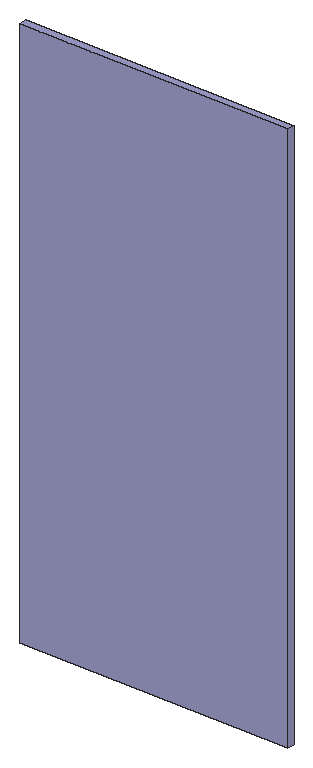
Revit family "EXP_WT-4_CPan-004", category Curtain Panels, Revit 2021
Family settings
  OmniClass Number = 23.25.20.14.11.11.17
  OmniClass Title = Infill Panels
  Always vertical = Yes
  Cut with Voids When Loaded = No
  Shared = No
Parameters
  UI-UnitNumber [instance] = "001"
  UI-Quadrant [instance] = "SE"
  UI-ProjectAbbreviation = "NEU"
  UI-ItemCategory = "PID"
  UI-FloorNumber [instance] = "03"
  PNT-WallType = "WT4"
  PNT-ProjectAbbreviation = "NEU"
  PNT-PanelType [instance] = "01"
  PNT-ItemCategory = "PNL"
  GlassSPH [instance] = 0' - 2 3/8"
  GlassH1 = IG-9F(Glass)
  Define Thermal Properties by = Schematic Type
  CellSp = 0' - 7 3/4"
  CellL [instance] = 7' - 10"
  CellH1 [instance] = CellH  # 15' - 11 1/2"
  CellH [instance] = 15' - 11 1/2"
  CellAngle = 79.28°
  Analytic Construction = "<None>"
Reference planes (in)
  plane 1 "Center (Front/Back)": y = 0
  plane 2: z = 0
  plane 3 "Center (Left/Right)": x = 0
  plane 4 "Left": x = -47
  plane 5 "Right": x = 47
  plane 6 "Top": z = 191.5
  plane 7: y = -7.75
Forms (in)
  Extrusion 1, solid, material "IG-9F(Glass)" <- "GlassH1", detail levels coarse+medium
    sketch origin (0, 0, 0) x (1, 0, 0) y (0, 1, 0)
      loop
        line (47, 0) -> (-47, 0) -> (-45.53282, -7.75) -> (45.53282, -7.75) -> (47, 0)
    from 0 to 191.5
Lines and regions (in)
  reference lines
    curve 1: line (-47, 0, 0) -> (-42.53577, -23.58115, 0)
    curve 2: line (47, 0, 0) -> (43.0938, -20.63351, 0)
Text (in)
  text "Exterior" at (-92.59733, 55.75508, 0), in view "Ref. Level"
  text "Exterior" at (0, 90.18664, 173.49264), in view "Left"
  text "Exterior" at (0, 52.29083, 162.21847), in view "Right"
Dimensions and locks (in)
  equal spacing: plane 4 "Left", plane 3 "Center (Left/Right)", plane 5 "Right"  (x2)
  "CellL": plane 4 "Left" to plane 5 "Right"
  "CellH": plane 2 to plane 6 "Top"
  "CellSp": plane 7 to plane 1 "Center (Front/Back)"
  "CellAngle": angle curve 1 to plane 1 "Center (Front/Back)"
  "CellAngle": angle plane 1 "Center (Front/Back)" to curve 2
  aligned and locked: level to plane 2
  aligned and locked: plane 1 "Center (Front/Back)" to nested 1
  aligned and locked: nested 1 to plane 6 "Top"
  aligned and locked: plane 5 "Right" to nested 1
  aligned and locked: Extrusion 1 sketch curve to plane 1 "Center (Front/Back)"
  aligned and locked: Extrusion 1 sketch curve to plane 7
  aligned and locked: Extrusion 1 sketch curve to curve 2
  aligned and locked: Extrusion 1 sketch curve to curve 1
  aligned and locked: Extrusion 1 to plane 6 "Top"
  aligned and locked: plane 2 to Extrusion 1
  aligned and locked: plane 1 "Center (Front/Back)" to nested 2
  aligned and locked: plane 4 "Left" to nested 2
  aligned and locked: plane 5 "Right" to nested 2
  aligned and locked: nested 2 to plane 6 "Top"
  aligned and locked: plane 2 to nested 2
Automatic sketch dimensions
  plane 1 "Center (Front/Back)" to curve 1 = 0' - 0"
  curve 1 to plane 4 "Left" = 0' - 0"
  plane 1 "Center (Front/Back)" to curve 2 = 0' - 0"
  curve 2 to plane 5 "Right" = 0' - 0"
Nested families (in)
  nested 1: "EXP_xx_DetO-002" at (0, 0, 0), CellH <- "CellH", CellL <- "CellL", type "EXP_xx_DetO-002", detail levels coarse
    with CellL 7' - 10", CellH 15' - 11 1/2"
  nested 2: "EXP_WT-1x_IG-005" at (0, 0, 95.75), MaterialGlass <- "GlassH1", GlassSP <- "GlassSPH", type "A = 79.28", detail levels fine
    with MaterialGlass IG-9F(Glass), GlassSP 0' - 2 3/8", GlassH 15' - 10 1/2", GMPI-ProjectAbbreviation "NEU", CellL 7' - 10", CellH 15' - 11 1/2", GlassL 7' - 8.10076"
Definition of nested family "EXP_WT-1x_IG-005"
  Parameters (values of type "A = 79.28_ H _ GlassSP = 2 3/8"")
    MaterialGlass [instance] = none
    GlassSP [instance] = 0' - 2 3/8"
    GlassL [instance] = 3' - 10.91966"
    GlassH [instance] = CellH - (GlassD2 + GlassD4)  # 6' - 7.58489"
    GlassD4 = 0' - 0 1/2"
    GlassD3 = 0' - 0 1/2"
    GlassD2 = 0' - 0 1/2"
    GlassD1 = 0' - 0 1/2"
    GMPI-ProjectAbbreviation [instance] = "NEU"
    GMPI-IteamCategory = "GLS"
    Default Elevation = 0' - 0"
    CellL [instance] = 4' - 0.8189"
    CellH [instance] = 6' - 8.58489"
    CellAngle = 79.28°
  Types (2): name | GlassL | CellAngle
    A = 85.91_ H _ GlassSP = 2 3/8" | 3' - 11.47925" | 85.91°
    A = 79.28_ H _ GlassSP = 2 3/8" | 3' - 10.91966" | 79.28°
  Reference planes (in)
    plane 1 "Center (Front/Back)": y = 0
    plane 2: z = 0
    plane 3 "Center (Left/Right)": x = 0
    plane 4: x = -24.40945
    plane 5: x = 24.40945
    plane 6: z = 40.29245
    plane 7: z = -40.29245
    plane 8: z = 39.79245
    plane 9: z = -39.79245
    plane 10: y = -2.375
  Forms (in)
    Extrusion 1, solid, material <- "MaterialGlass"
      sketch origin (0, 0, 0) x (1, 0, 0) y (0, 1, 0)
        loop
          line (-23.45983, 0) -> (-23.45983, -2.375) -> (23.45983, -2.375) -> (23.45983, 0) -> (-23.45983, 0)
      from -39.79245 to 39.79245
  Lines and regions (in)
    reference lines
      curve 1: line (-24.40945, 0, 0) -> (-22.06602, -12.37856, 0)
      curve 2: line (24.40945, 0, 0) -> (21.91956, -13.15222, 0)
      curve 3: line (-23.95983, -2.375, 0) -> (-23.95983, 1.56201, 0)
      curve 4: line (23.95983, -2.375, 0) -> (23.95983, 1.16831, 0)
      curve 5: line (-23.45983, -2.375, 0) -> (-23.45983, 1.56201, 0)
      curve 6: line (23.45983, -2.375, 0) -> (23.45983, 1.16831, 0)
  Dimensions and locks (in)
    equal spacing: plane 6, level, plane 7
    "CellH": plane 6 to plane 7
    "GlassD2": plane 6 to plane 8
    "GlassD4": plane 9 to plane 7
    equal spacing: plane 4, plane 3 "Center (Left/Right)", plane 5
    "CellL": plane 4 to plane 5
    "GlassSP": plane 10 to plane 1 "Center (Front/Back)"
    "GlassD1": curve 3 to curve 5
    "GlassD3": curve 6 to curve 4
    "GlassL": Extrusion 1 to Extrusion 1
    "CellAngle": angle curve 1 to plane 1 "Center (Front/Back)"
    "CellAngle": angle plane 1 "Center (Front/Back)" to curve 2
    locked: plane 10 to curve 3 (angle 90.00°)
    locked: curve 4 to plane 10 (angle 90.00°)
    aligned and locked: level to plane 2
    aligned and locked: plane 1 "Center (Front/Back)" to Extrusion 1 sketch curve
    aligned and locked: Extrusion 1 sketch curve to curve 5
    aligned and locked: plane 10 to Extrusion 1 sketch curve
    aligned and locked: Extrusion 1 sketch curve to curve 6
    aligned and locked: plane 8 to Extrusion 1
    aligned and locked: Extrusion 1 to plane 9
  Automatic sketch dimensions
    plane 1 "Center (Front/Back)" to curve 1 = 0' - 0"
    curve 1 to plane 4 = 0' - 0"
    curve 3 to plane 10 = 0' - 0"
    curve 6 to plane 10 = 0' - 0"
    curve 4 to plane 10 = 0' - 0"
    plane 1 "Center (Front/Back)" to curve 2 = 0' - 0"
    curve 2 to plane 5 = 0' - 0"
    curve 5 to plane 10 = 0' - 0"
    curve 6 to curve 4 = 0' - 0"
    curve 3 to curve 5 = 0' - 0"
Definition of nested family "EXP_xx_DetO-002"
  Parameters (values of type "EXP_xx_DetO-002")
    Default Elevation = 0' - 0"
    CellL [instance] = 5' - 4.56693"
    CellH [instance] = 5' - 2.99213"
  Reference planes (in)
    plane 1 "Center (Front/Back)": y = 0
    plane 2: z = 0
    plane 3 "Center (Left/Right)": x = 0
    plane 4: x = -32.28346
    plane 5: x = 32.28346
    plane 6: z = 62.99213
  Lines and regions (in)
    model lines
      curve 1: line (-32.28346, 0, 62.99213) -> (32.28346, 0, 0)
      curve 2: line (32.28346, 0, 62.99213) -> (-32.28346, 0, 0)
  Dimensions and locks (in)
    "CellH": plane 6 to level
    equal spacing: plane 4, plane 3 "Center (Left/Right)", plane 5
    "CellL": plane 4 to plane 5
    aligned and locked: level to plane 2
  Automatic sketch dimensions
    curve 2 to level = 0' - 0"
    plane 4 to curve 2 = 0' - 0"
    plane 4 to curve 1 = 0' - 0"
    plane 5 to curve 2 = 0' - 0"
    curve 1 to level = 0' - 0"
    plane 5 to curve 1 = 0' - 0"
    curve 2 to plane 6 = 0' - 0"
    curve 1 to plane 6 = 0' - 0"
